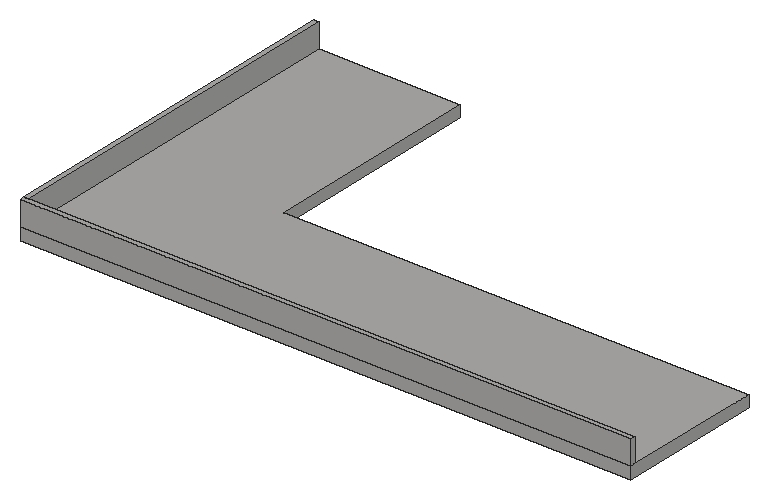
Revit family "Bancada_Lab_Seca_Ele", category Plumbing Fixtures, Revit 2025
Family settings
  Round Connector Dimension = Use Diameter
  Part Type = Normal
  OmniClass Number = 23.40.20.00
  OmniClass Title = General Furniture and Specialties
  Work Plane-Based = No
  Enable Cutting in Views = No
  Always vertical = Yes
  Cut with Voids When Loaded = No
  Maintain Annotation Orientation = No
  Shared = No
  Room Calculation Point = Yes
Parameters (values of type "BAN_060x090_ELE_SEC_LAB")
  Material_Bancada [instance] = CT_Bancadas_Labs
  Description = "Descrição do tipo"
  Default Elevation = 0.000 m
  Bancada_Profundidade = 0.600 m
  Bancada_Frente_2 [instance] = 1.500 m
  Bancada_Frente_1 [instance] = 2.500 m
  Bancada_Altura = 0.900 m
Reference planes (m)
  plane 1: y = -0.02
  plane 2: z = 0
  plane 3: x = 0
  plane 4 "Base Bancada": z = 0.9
  plane 5: y = 0.58
  plane 6: y = 1.48
  plane 7: x = 0.6
  plane 8: x = 2.5
  plane 9 "Centro E/I": z = 0.85
  plane 10: y = 0
  plane 11: x = 0.02
  plane 12: z = 1
Forms (m)
  Extrusion 1, solid, material "CT_Bancadas_Labs" <- "Material_Bancada"
    sketch origin (0, 0, 0) x (1, 0, 0) y (0, 1, 0)
      loop
        line (0, -0.02) -> (2.5, -0.02) -> (2.5, 0.58) -> (0.6, 0.58) -> (0.6, 1.48) -> (0, 1.48) -> (0, -0.02)
    from 0.85 to 0.9
  Extrusion 2, solid, material "CT_Bancadas_Labs" <- "Material_Bancada"
    sketch origin (0, 0, 0) x (1, 0, 0) y (0, 1, 0)
      loop
        line (0, -0.02) -> (2.5, -0.02) -> (2.5, 0) -> (0, 0) -> (0, -0.02)
    from 0.9 to 1
  Extrusion 3, solid, material "CT_Bancadas_Labs" <- "Material_Bancada"
    sketch origin (0, 0, 0) x (1, 0, 0) y (0, 1, 0)
      loop
        line (0, 0) -> (0.02, 0) -> (0.02, 1.48) -> (0, 1.48) -> (0, 0)
    from 0.9 to 1
Dimensions and locks (m)
  "Bancada_Altura": plane 4 "Base Bancada" to level
  plane 4 "Base Bancada" to plane 2 = 0.900 m
  "Bancada_Profundidade": plane 3 to plane 7
  "Bancada_Profundidade": plane 1 to plane 5
  "Bancada_Frente_1": plane 3 to plane 8
  "Bancada_Frente_2": plane 1 to plane 6
  locked: plane 9 "Centro E/I" to plane 4 "Base Bancada" at 0.05
  locked: plane 3 to plane 11 at 0.02
  locked: plane 1 to plane 10 at 0.02
  locked: plane 12 to plane 4 "Base Bancada" at 0.1
  aligned and locked: level to plane 2
  aligned and locked: plane 1 to Extrusion 1  (x2)
  aligned and locked: Extrusion 1 to plane 3  (x2)
  aligned and locked: plane 4 "Base Bancada" to Extrusion 1
  aligned and locked: Extrusion 1 sketch curve to plane 8
  aligned and locked: Extrusion 1 sketch curve to plane 3
  aligned and locked: plane 1 to Extrusion 1 sketch curve
  aligned and locked: Extrusion 1 sketch curve to plane 7
  aligned and locked: Extrusion 1 sketch curve to plane 5
  aligned and locked: plane 6 to Extrusion 1 sketch curve
  aligned and locked: Extrusion 1 to plane 9 "Centro E/I"
  aligned and locked: Extrusion 2 sketch curve to Extrusion 1
  aligned and locked: Extrusion 1 to Extrusion 2 sketch curve
  aligned and locked: plane 8 to Extrusion 2 sketch curve
  aligned and locked: plane 12 to Extrusion 2
  aligned and locked: Extrusion 2 to plane 4 "Base Bancada"
  aligned and locked: plane 10 to Extrusion 2
  aligned and locked: Extrusion 3 sketch curve to plane 3
  aligned and locked: plane 11 to Extrusion 3 sketch curve
  aligned and locked: Extrusion 3 sketch curve to plane 6
  aligned and locked: Extrusion 3 sketch curve to plane 10
  aligned and locked: Extrusion 2 to Extrusion 3
  aligned and locked: Extrusion 3 to plane 4 "Base Bancada"
Automatic sketch dimensions
  Extrusion 2 sketch curve to plane 1 = 0.020 m
